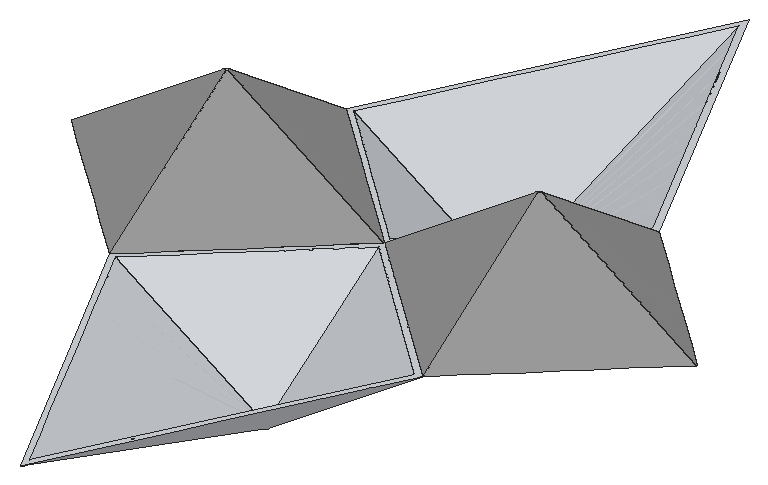
Revit family "CLD-FCT-016_KITE_RTV", category Modelos genéricos, Revit 2022 (continued)
Definition of nested family "CLD-FCT-016_KITE_1_RTV"
  Forms (in)
    Blend 359, void
      base sketch origin (28.5, 0, 0) x (-1, 0, 0) y (0, -1, 0)
        loop
          line (14.25, -0.5) -> (0.5, -27.5) -> (14.25, -40.5) -> (28, -27.5) -> (14.25, -0.5)
      top sketch origin (28.5, 0, 0) x (-1, 0, 0) y (0, -1, 0)
        loop
          line (14.25, -27.31482) -> (14.07322, -27.4916) -> (14.25, -27.66838) -> (14.42678, -27.4916) -> (14.25, -27.31482)
      from 0 to -8.75
    Blend 360, solid
      base sketch origin (28.5, 0, 0) x (-1, 0, 0) y (0, -1, 0)
        loop
          line (14.25, 0.6018) -> (-0.11528, -27.60638) -> (14.25, -41.18809) -> (28.61528, -27.60638) -> (14.25, 0.6018)
      top sketch origin (28.5, 0, 0) x (-1, 0, 0) y (0, -1, 0)
        loop
          line (14.42678, -27.4916) -> (14.25, -27.31482) -> (14.07322, -27.4916) -> (14.25, -27.66838) -> (14.42678, -27.4916)
      from 0 to -9.25
  Cuts and joins
    Blend 355, Blend 359 cuts Blend 356
    Blend 359 cuts Blend 360
  Dimensions and locks (in)
    cut or joined group of Blend 355, Blend 356, Blend 359 to cut or joined group of Blend 355, Blend 356, Blend 359 = 9.25"
    aligned and locked: level to plane 2
Definition of nested family "CLD-FCT-016_KITE_2_RTV"
  Parameters
    Default Elevation = 0.00"
  Reference planes (in)
    plane 1 "Centro (Frontal/Posterior)": y = 0
    plane 2: z = 0
    plane 3 "Centro (Izquierda/Derecha)": x = 0
  Forms (in)
    Extrusion 1, solid, not visible
      sketch origin (0, 0, 0) x (1, 0, 0) y (0, 1, 0)
        loop
          line (0, 2.25) -> (0, 0) -> (108, 0) -> (108, 2.25) -> (0, 2.25)
      from 0 to 8
    Extrusion 2, solid, not visible
      sketch origin (0, 0, 0) x (1, 0, 0) y (0, 1, 0)
        loop
          line (0, 2.25) -> (0, 0) -> (108, 0) -> (108, 2.25) -> (0, 2.25)
      from 0 to 8
    Extrusion 3, solid, not visible
      sketch origin (0, 8, 0) x (1, 0, 0) y (0, 1, 0)
        loop
          line (0, 2.25) -> (0, 0) -> (108, 0) -> (108, 2.25) -> (0, 2.25)
      from 0 to 8
    Extrusion 4, solid, not visible
      sketch origin (0, 16, 0) x (1, 0, 0) y (0, 1, 0)
        loop
          line (0, 2.25) -> (0, 0) -> (108, 0) -> (108, 2.25) -> (0, 2.25)
      from 0 to 8
    Extrusion 5, solid, not visible
      sketch origin (0, 24, 0) x (1, 0, 0) y (0, 1, 0)
        loop
          line (0, 2.25) -> (0, 0) -> (108, 0) -> (108, 2.25) -> (0, 2.25)
      from 0 to 8
    Extrusion 6, solid, not visible
      sketch origin (0, 32, 0) x (1, 0, 0) y (0, 1, 0)
        loop
          line (0, 2.25) -> (0, 0) -> (108, 0) -> (108, 2.25) -> (0, 2.25)
      from 0 to 8
    Extrusion 7, solid, not visible
      sketch origin (0, 40, 0) x (1, 0, 0) y (0, 1, 0)
        loop
          line (0, 2.25) -> (0, 0) -> (108, 0) -> (108, 2.25) -> (0, 2.25)
      from 0 to 8
    Extrusion 8, solid, not visible
      sketch origin (0, 48, 0) x (1, 0, 0) y (0, 1, 0)
        loop
          line (0, 2.25) -> (0, 0) -> (108, 0) -> (108, 2.25) -> (0, 2.25)
      from 0 to 8
    Extrusion 9, solid, not visible
      sketch origin (0, 56, 0) x (1, 0, 0) y (0, 1, 0)
        loop
          line (0, 2.25) -> (0, 0) -> (108, 0) -> (108, 2.25) -> (0, 2.25)
      from 0 to 8
    Extrusion 10, solid, not visible
      sketch origin (0, 64, 0) x (1, 0, 0) y (0, 1, 0)
        loop
          line (0, 2.25) -> (0, 0) -> (108, 0) -> (108, 2.25) -> (0, 2.25)
      from 0 to 8
    Extrusion 11, solid, not visible
      sketch origin (0, 72, 0) x (1, 0, 0) y (0, 1, 0)
        loop
          line (0, 2.25) -> (0, 0) -> (108, 0) -> (108, 2.25) -> (0, 2.25)
      from 0 to 8
    Extrusion 12, solid, not visible
      sketch origin (0, 80, 0) x (1, 0, 0) y (0, 1, 0)
        loop
          line (0, 2.25) -> (0, 0) -> (108, 0) -> (108, 2.25) -> (0, 2.25)
      from 0 to 8
    Extrusion 13, solid, not visible
      sketch origin (0, 88, 0) x (1, 0, 0) y (0, 1, 0)
        loop
          line (0, 2.25) -> (0, 0) -> (108, 0) -> (108, 2.25) -> (0, 2.25)
      from 0 to 8
    Extrusion 14, solid, not visible
      sketch origin (0, 96, 0) x (1, 0, 0) y (0, 1, 0)
        loop
          line (0, 2.25) -> (0, 0) -> (108, 0) -> (108, 2.25) -> (0, 2.25)
      from 0 to 8
    Extrusion 15, solid, not visible
      sketch origin (0, 104, 0) x (1, 0, 0) y (0, 1, 0)
        loop
          line (0, 2.25) -> (0, 0) -> (108, 0) -> (108, 2.25) -> (0, 2.25)
      from 0 to 8
    Extrusion 16, solid, not visible
      sketch origin (0, 112, 0) x (1, 0, 0) y (0, 1, 0)
        loop
          line (0, 2.25) -> (0, 0) -> (108, 0) -> (108, 2.25) -> (0, 2.25)
      from 0 to 8
    Extrusion 17, solid, not visible
      sketch origin (0, 120, 0) x (1, 0, 0) y (0, 1, 0)
        loop
          line (0, 2.25) -> (0, 0) -> (108, 0) -> (108, 2.25) -> (0, 2.25)
      from 0 to 8
    Extrusion 18, solid, not visible
      sketch origin (0, 128, 0) x (1, 0, 0) y (0, 1, 0)
        loop
          line (0, 2.25) -> (0, 0) -> (108, 0) -> (108, 2.25) -> (0, 2.25)
      from 0 to 8
    Extrusion 19, solid, not visible
      sketch origin (0, 136, 0) x (1, 0, 0) y (0, 1, 0)
        loop
          line (0, 2.25) -> (0, 0) -> (108, 0) -> (108, 2.25) -> (0, 2.25)
      from 0 to 8
    Extrusion 20, solid, not visible
      sketch origin (0, 144, 0) x (1, 0, 0) y (0, 1, 0)
        loop
          line (0, 2.25) -> (0, 0) -> (108, 0) -> (108, 2.25) -> (0, 2.25)
      from 0 to 8
    Extrusion 21, solid, not visible
      sketch origin (0, 152, 0) x (1, 0, 0) y (0, 1, 0)
        loop
          line (0, 2.25) -> (0, 0) -> (108, 0) -> (108, 2.25) -> (0, 2.25)
      from 0 to 8
    Extrusion 22, solid, not visible
      sketch origin (109, 0, 0) x (1, 0, 0) y (0, 1, 0)
        loop
          line (0, 2.25) -> (0, 0) -> (108, 0) -> (108, 2.25) -> (0, 2.25)
      from 0 to 8
    Extrusion 23, solid, not visible
      sketch origin (109, 8, 0) x (1, 0, 0) y (0, 1, 0)
        loop
          line (0, 2.25) -> (0, 0) -> (108, 0) -> (108, 2.25) -> (0, 2.25)
      from 0 to 8
    Extrusion 24, solid, not visible
      sketch origin (109, 16, 0) x (1, 0, 0) y (0, 1, 0)
        loop
          line (0, 2.25) -> (0, 0) -> (108, 0) -> (108, 2.25) -> (0, 2.25)
      from 0 to 8
    Extrusion 25, solid, not visible
      sketch origin (109, 24, 0) x (1, 0, 0) y (0, 1, 0)
        loop
          line (0, 2.25) -> (0, 0) -> (108, 0) -> (108, 2.25) -> (0, 2.25)
      from 0 to 8
    Extrusion 26, solid, not visible
      sketch origin (109, 32, 0) x (1, 0, 0) y (0, 1, 0)
        loop
          line (0, 2.25) -> (0, 0) -> (108, 0) -> (108, 2.25) -> (0, 2.25)
      from 0 to 8
    Extrusion 27, solid, not visible
      sketch origin (109, 40, 0) x (1, 0, 0) y (0, 1, 0)
        loop
          line (0, 2.25) -> (0, 0) -> (108, 0) -> (108, 2.25) -> (0, 2.25)
      from 0 to 8
    Extrusion 28, solid, not visible
      sketch origin (109, 48, 0) x (1, 0, 0) y (0, 1, 0)
        loop
          line (0, 2.25) -> (0, 0) -> (108, 0) -> (108, 2.25) -> (0, 2.25)
      from 0 to 8
    Extrusion 29, solid, not visible
      sketch origin (109, 56, 0) x (1, 0, 0) y (0, 1, 0)
        loop
          line (0, 2.25) -> (0, 0) -> (108, 0) -> (108, 2.25) -> (0, 2.25)
      from 0 to 8
    Extrusion 30, solid, not visible
      sketch origin (109, 64, 0) x (1, 0, 0) y (0, 1, 0)
        loop
          line (0, 2.25) -> (0, 0) -> (108, 0) -> (108, 2.25) -> (0, 2.25)
      from 0 to 8
    Extrusion 31, solid, not visible
      sketch origin (109, 72, 0) x (1, 0, 0) y (0, 1, 0)
        loop
          line (0, 2.25) -> (0, 0) -> (108, 0) -> (108, 2.25) -> (0, 2.25)
      from 0 to 8
    Extrusion 32, solid, not visible
      sketch origin (109, 80, 0) x (1, 0, 0) y (0, 1, 0)
        loop
          line (0, 2.25) -> (0, 0) -> (108, 0) -> (108, 2.25) -> (0, 2.25)
      from 0 to 8
    Extrusion 33, solid, not visible
      sketch origin (109, 88, 0) x (1, 0, 0) y (0, 1, 0)
        loop
          line (0, 2.25) -> (0, 0) -> (108, 0) -> (108, 2.25) -> (0, 2.25)
      from 0 to 8
    Extrusion 34, solid, not visible
      sketch origin (109, 96, 0) x (1, 0, 0) y (0, 1, 0)
        loop
          line (0, 2.25) -> (0, 0) -> (108, 0) -> (108, 2.25) -> (0, 2.25)
      from 0 to 8
    Extrusion 35, solid, not visible
      sketch origin (109, 104, 0) x (1, 0, 0) y (0, 1, 0)
        loop
          line (0, 2.25) -> (0, 0) -> (108, 0) -> (108, 2.25) -> (0, 2.25)
      from 0 to 8
    Extrusion 36, solid, not visible
      sketch origin (109, 112, 0) x (1, 0, 0) y (0, 1, 0)
        loop
          line (0, 2.25) -> (0, 0) -> (108, 0) -> (108, 2.25) -> (0, 2.25)
      from 0 to 8
    Extrusion 37, solid, not visible
      sketch origin (109, 120, 0) x (1, 0, 0) y (0, 1, 0)
        loop
          line (0, 2.25) -> (0, 0) -> (108, 0) -> (108, 2.25) -> (0, 2.25)
      from 0 to 8
    Extrusion 38, solid, not visible
      sketch origin (109, 128, 0) x (1, 0, 0) y (0, 1, 0)
        loop
          line (0, 2.25) -> (0, 0) -> (108, 0) -> (108, 2.25) -> (0, 2.25)
      from 0 to 8
    Extrusion 39, solid, not visible
      sketch origin (109, 136, 0) x (1, 0, 0) y (0, 1, 0)
        loop
          line (0, 2.25) -> (0, 0) -> (108, 0) -> (108, 2.25) -> (0, 2.25)
      from 0 to 8
    Extrusion 40, solid, not visible
      sketch origin (109, 144, 0) x (1, 0, 0) y (0, 1, 0)
        loop
          line (0, 2.25) -> (0, 0) -> (108, 0) -> (108, 2.25) -> (0, 2.25)
      from 0 to 8
    Extrusion 41, solid, not visible
      sketch origin (109, 152, 0) x (1, 0, 0) y (0, 1, 0)
        loop
          line (0, 2.25) -> (0, 0) -> (108, 0) -> (108, 2.25) -> (0, 2.25)
      from 0 to 8
    Extrusion 42, solid, not visible
      sketch origin (-108, 0, 0) x (1, 0, 0) y (0, 1, 0)
        loop
          line (0, 2.25) -> (0, 0) -> (108, 0) -> (108, 2.25) -> (0, 2.25)
      from 0 to 8
    Extrusion 43, solid, not visible
      sketch origin (-108, 8, 0) x (1, 0, 0) y (0, 1, 0)
        loop
          line (0, 2.25) -> (0, 0) -> (108, 0) -> (108, 2.25) -> (0, 2.25)
      from 0 to 8
    Extrusion 44, solid, not visible
      sketch origin (-108, 16, 0) x (1, 0, 0) y (0, 1, 0)
        loop
          line (0, 2.25) -> (0, 0) -> (108, 0) -> (108, 2.25) -> (0, 2.25)
      from 0 to 8
    Extrusion 45, solid, not visible
      sketch origin (-108, 24, 0) x (1, 0, 0) y (0, 1, 0)
        loop
          line (0, 2.25) -> (0, 0) -> (108, 0) -> (108, 2.25) -> (0, 2.25)
      from 0 to 8
    Extrusion 46, solid, not visible
      sketch origin (-108, 32, 0) x (1, 0, 0) y (0, 1, 0)
        loop
          line (0, 2.25) -> (0, 0) -> (108, 0) -> (108, 2.25) -> (0, 2.25)
      from 0 to 8
    Extrusion 47, solid, not visible
      sketch origin (-108, 40, 0) x (1, 0, 0) y (0, 1, 0)
        loop
          line (0, 2.25) -> (0, 0) -> (108, 0) -> (108, 2.25) -> (0, 2.25)
      from 0 to 8
    Extrusion 48, solid, not visible
      sketch origin (1, 0, 0) x (1, 0, 0) y (0, 1, 0)
        loop
          line (0, 2.25) -> (0, 0) -> (108, 0) -> (108, 2.25) -> (0, 2.25)
      from 0 to 8
    Extrusion 49, solid, not visible
      sketch origin (1, 8, 0) x (1, 0, 0) y (0, 1, 0)
        loop
          line (0, 2.25) -> (0, 0) -> (108, 0) -> (108, 2.25) -> (0, 2.25)
      from 0 to 8
    Extrusion 50, solid, not visible
      sketch origin (1, 16, 0) x (1, 0, 0) y (0, 1, 0)
        loop
          line (0, 2.25) -> (0, 0) -> (108, 0) -> (108, 2.25) -> (0, 2.25)
      from 0 to 8
    Extrusion 51, solid, not visible
      sketch origin (1, 24, 0) x (1, 0, 0) y (0, 1, 0)
        loop
          line (0, 2.25) -> (0, 0) -> (108, 0) -> (108, 2.25) -> (0, 2.25)
      from 0 to 8
    Extrusion 52, solid, not visible
      sketch origin (1, 32, 0) x (1, 0, 0) y (0, 1, 0)
        loop
          line (0, 2.25) -> (0, 0) -> (108, 0) -> (108, 2.25) -> (0, 2.25)
      from 0 to 8
    Extrusion 53, solid, not visible
      sketch origin (1, 40, 0) x (1, 0, 0) y (0, 1, 0)
        loop
          line (0, 2.25) -> (0, 0) -> (108, 0) -> (108, 2.25) -> (0, 2.25)
      from 0 to 8
    Extrusion 54, solid, not visible
      sketch origin (-108, 48, 0) x (1, 0, 0) y (0, 1, 0)
        loop
          line (0, 2.25) -> (0, 0) -> (108, 0) -> (108, 2.25) -> (0, 2.25)
      from 0 to 8
    Extrusion 55, solid, not visible
      sketch origin (-108, 56, 0) x (1, 0, 0) y (0, 1, 0)
        loop
          line (0, 2.25) -> (0, 0) -> (108, 0) -> (108, 2.25) -> (0, 2.25)
      from 0 to 8
    Extrusion 56, solid, not visible
      sketch origin (-108, 64, 0) x (1, 0, 0) y (0, 1, 0)
        loop
          line (0, 2.25) -> (0, 0) -> (108, 0) -> (108, 2.25) -> (0, 2.25)
      from 0 to 8
    Extrusion 57, solid, not visible
      sketch origin (-108, 72, 0) x (1, 0, 0) y (0, 1, 0)
        loop
          line (0, 2.25) -> (0, 0) -> (108, 0) -> (108, 2.25) -> (0, 2.25)
      from 0 to 8
    Extrusion 58, solid, not visible
      sketch origin (-108, 80, 0) x (1, 0, 0) y (0, 1, 0)
        loop
          line (0, 2.25) -> (0, 0) -> (108, 0) -> (108, 2.25) -> (0, 2.25)
      from 0 to 8
    Extrusion 59, solid, not visible
      sketch origin (1, 48, 0) x (1, 0, 0) y (0, 1, 0)
        loop
          line (0, 2.25) -> (0, 0) -> (108, 0) -> (108, 2.25) -> (0, 2.25)
      from 0 to 8
    Extrusion 60, solid, not visible
      sketch origin (1, 56, 0) x (1, 0, 0) y (0, 1, 0)
        loop
          line (0, 2.25) -> (0, 0) -> (108, 0) -> (108, 2.25) -> (0, 2.25)
      from 0 to 8
    Extrusion 61, solid, not visible
      sketch origin (1, 64, 0) x (1, 0, 0) y (0, 1, 0)
        loop
          line (0, 2.25) -> (0, 0) -> (108, 0) -> (108, 2.25) -> (0, 2.25)
      from 0 to 8
    Extrusion 62, solid, not visible
      sketch origin (1, 72, 0) x (1, 0, 0) y (0, 1, 0)
        loop
          line (0, 2.25) -> (0, 0) -> (108, 0) -> (108, 2.25) -> (0, 2.25)
      from 0 to 8
    Extrusion 63, solid, not visible
      sketch origin (1, 80, 0) x (1, 0, 0) y (0, 1, 0)
        loop
          line (0, 2.25) -> (0, 0) -> (108, 0) -> (108, 2.25) -> (0, 2.25)
      from 0 to 8
    Extrusion 64, solid, not visible
      sketch origin (-108, 88, 0) x (1, 0, 0) y (0, 1, 0)
        loop
          line (0, 2.25) -> (0, 0) -> (108, 0) -> (108, 2.25) -> (0, 2.25)
      from 0 to 8
    Extrusion 65, solid, not visible
      sketch origin (-108, 96, 0) x (1, 0, 0) y (0, 1, 0)
        loop
          line (0, 2.25) -> (0, 0) -> (108, 0) -> (108, 2.25) -> (0, 2.25)
      from 0 to 8
    Extrusion 66, solid, not visible
      sketch origin (-108, 104, 0) x (1, 0, 0) y (0, 1, 0)
        loop
          line (0, 2.25) -> (0, 0) -> (108, 0) -> (108, 2.25) -> (0, 2.25)
      from 0 to 8
    Extrusion 67, solid, not visible
      sketch origin (-108, 112, 0) x (1, 0, 0) y (0, 1, 0)
        loop
          line (0, 2.25) -> (0, 0) -> (108, 0) -> (108, 2.25) -> (0, 2.25)
      from 0 to 8
    Extrusion 68, solid, not visible
      sketch origin (-108, 120, 0) x (1, 0, 0) y (0, 1, 0)
        loop
          line (0, 2.25) -> (0, 0) -> (108, 0) -> (108, 2.25) -> (0, 2.25)
      from 0 to 8
    Extrusion 69, solid, not visible
      sketch origin (1, 88, 0) x (1, 0, 0) y (0, 1, 0)
        loop
          line (0, 2.25) -> (0, 0) -> (108, 0) -> (108, 2.25) -> (0, 2.25)
      from 0 to 8
    Extrusion 70, solid, not visible
      sketch origin (1, 96, 0) x (1, 0, 0) y (0, 1, 0)
        loop
          line (0, 2.25) -> (0, 0) -> (108, 0) -> (108, 2.25) -> (0, 2.25)
      from 0 to 8
    Extrusion 71, solid, not visible
      sketch origin (1, 104, 0) x (1, 0, 0) y (0, 1, 0)
        loop
          line (0, 2.25) -> (0, 0) -> (108, 0) -> (108, 2.25) -> (0, 2.25)
      from 0 to 8
    Extrusion 72, solid, not visible
      sketch origin (1, 112, 0) x (1, 0, 0) y (0, 1, 0)
        loop
          line (0, 2.25) -> (0, 0) -> (108, 0) -> (108, 2.25) -> (0, 2.25)
      from 0 to 8
    Extrusion 73, solid, not visible
      sketch origin (1, 120, 0) x (1, 0, 0) y (0, 1, 0)
        loop
          line (0, 2.25) -> (0, 0) -> (108, 0) -> (108, 2.25) -> (0, 2.25)
      from 0 to 8
    Extrusion 74, solid, not visible
      sketch origin (-108, 128, 0) x (1, 0, 0) y (0, 1, 0)
        loop
          line (0, 2.25) -> (0, 0) -> (108, 0) -> (108, 2.25) -> (0, 2.25)
      from 0 to 8
    Extrusion 75, solid, not visible
      sketch origin (-108, 136, 0) x (1, 0, 0) y (0, 1, 0)
        loop
          line (0, 2.25) -> (0, 0) -> (108, 0) -> (108, 2.25) -> (0, 2.25)
      from 0 to 8
    Extrusion 76, solid, not visible
      sketch origin (-108, 144, 0) x (1, 0, 0) y (0, 1, 0)
        loop
          line (0, 2.25) -> (0, 0) -> (108, 0) -> (108, 2.25) -> (0, 2.25)
      from 0 to 8
    Extrusion 77, solid, not visible
      sketch origin (-108, 152, 0) x (1, 0, 0) y (0, 1, 0)
        loop
          line (0, 2.25) -> (0, 0) -> (108, 0) -> (108, 2.25) -> (0, 2.25)
      from 0 to 8
    Extrusion 78, solid, not visible
      sketch origin (-108, 160, 0) x (1, 0, 0) y (0, 1, 0)
        loop
          line (0, 2.25) -> (0, 0) -> (108, 0) -> (108, 2.25) -> (0, 2.25)
      from 0 to 8
    Extrusion 79, solid, not visible
      sketch origin (1, 128, 0) x (1, 0, 0) y (0, 1, 0)
        loop
          line (0, 2.25) -> (0, 0) -> (108, 0) -> (108, 2.25) -> (0, 2.25)
      from 0 to 8
    Extrusion 80, solid, not visible
      sketch origin (1, 136, 0) x (1, 0, 0) y (0, 1, 0)
        loop
          line (0, 2.25) -> (0, 0) -> (108, 0) -> (108, 2.25) -> (0, 2.25)
      from 0 to 8
    Extrusion 81, solid, not visible
      sketch origin (1, 144, 0) x (1, 0, 0) y (0, 1, 0)
        loop
          line (0, 2.25) -> (0, 0) -> (108, 0) -> (108, 2.25) -> (0, 2.25)
      from 0 to 8
    Extrusion 82, solid, not visible
      sketch origin (1, 152, 0) x (1, 0, 0) y (0, 1, 0)
        loop
          line (0, 2.25) -> (0, 0) -> (108, 0) -> (108, 2.25) -> (0, 2.25)
      from 0 to 8
    Extrusion 83, solid, not visible
      sketch origin (1, 160, 0) x (1, 0, 0) y (0, 1, 0)
        loop
          line (0, 2.25) -> (0, 0) -> (108, 0) -> (108, 2.25) -> (0, 2.25)
      from 0 to 8
    Extrusion 84, solid, not visible
      sketch origin (0, 0, 0) x (1, 0, 0) y (0, 1, 0)
        loop
          line (0, 3) -> (0, 0) -> (108, 0) -> (108, 3) -> (0, 3)
      from 0 to 8
    Extrusion 85, void, not visible
      sketch origin (0, 0, 0) x (1, 0, 0) y (0, 1, 0)
        loop
          line (6, 2) -> (6, 1) -> (66, 1) -> (66, 2) -> (6, 2)
      from 0 to 1.03
    Extrusion 86, solid, not visible
      sketch origin (0, 0, 0) x (1, 0, 0) y (0, 1, 0)
        loop
          line (0, 3) -> (0, 0) -> (108, 0) -> (108, 3) -> (0, 3)
      from 0 to 8
    Extrusion 87, void, not visible
      sketch origin (0, 0, 0) x (1, 0, 0) y (0, 1, 0)
        loop
          line (6, 2) -> (6, 1) -> (66, 1) -> (66, 2) -> (6, 2)
      from 0 to 1.03
    Extrusion 88, solid, not visible
      sketch origin (0, 0, 0) x (1, 0, 0) y (0, 1, 0)
        loop
          line (6, 2) -> (6, 1) -> (66, 1) -> (66, 2) -> (6, 2)
      from 0 to 1.03
    Extrusion 89, solid, not visible
      sketch origin (0, 32, 0) x (1, 0, 0) y (0, 1, 0)
        loop
          line (0, 3) -> (0, 0) -> (108, 0) -> (108, 3) -> (0, 3)
      from 0 to 8
    Extrusion 90, void, not visible
      sketch origin (0, 32, 0) x (1, 0, 0) y (0, 1, 0)
        loop
          line (6, 2) -> (6, 1) -> (102, 1) -> (102, 2) -> (6, 2)
      from 0 to 1.03
    Extrusion 91, solid, not visible
      sketch origin (8.95842, -18.67436, 0) x (1, 0, 0) y (0, 1, 0)
        loop
          line (-8.48642, 97.64679) -> (-8.48642, 97.17436) -> (98.56914, 97.17436) -> (98.56914, 97.64679) -> (-8.48642, 97.64679)
      from 0.59055 to 8
    Extrusion 92, solid, not visible
      sketch origin (8.95842, -16.6468, 0) x (1, 0, 0) y (0, 1, 0)
        loop
          line (-8.48642, 97.64679) -> (-8.48642, 97.17436) -> (98.56914, 97.17436) -> (98.56914, 97.64679) -> (-8.48642, 97.64679)
      from 0.59055 to 8
    Extrusion 93, solid, not visible
      sketch origin (60.46912, 110.28574, 0) x (1, 0, 0) y (0, 1, 0)
        loop
          line (45.03088, -29.28574) -> (-57.96911, -29.28574) -> (-57.96911, -31.78574) -> (45.03088, -31.78574) -> (45.03088, -29.28574)
        loop
          line (23.78088, -31.03574) -> (41.78088, -31.03574) -> (41.78088, -30.03574) -> (23.78088, -30.03574) -> (23.78088, -31.03574)
        loop
          line (-54.71912, -31.03574) -> (-36.71912, -31.03574) -> (-36.71912, -30.03574) -> (-54.71912, -30.03574) -> (-54.71912, -31.03574)
      from 0 to 0.59055
    Extrusion 94, solid, not visible
      sketch origin (108, 51.5, 0) x (0, 1, 0) y (-1, 0, 0)
        loop
          line (27.75, 102.25) -> (27.75, 84.25) -> (28.75, 84.25) -> (28.75, 102.25) -> (27.75, 102.25)
      from 0 to 1
    Extrusion 95, solid, not visible
      sketch origin (186.5, 51.5, 0) x (0, 1, 0) y (-1, 0, 0)
        loop
          line (27.75, 102.25) -> (27.75, 84.25) -> (28.75, 84.25) -> (28.75, 102.25) -> (27.75, 102.25)
      from 0 to 1
    Extrusion 96, solid, not visible
      sketch origin (8.95842, -44.42438, 0) x (1, 0, 0) y (0, 1, 0)
        loop
          line (-8.48642, 97.64679) -> (-8.48642, 97.17436) -> (98.56914, 97.17436) -> (98.56914, 97.64679) -> (-8.48642, 97.64679)
      from 0.59055 to 8
    Extrusion 97, solid, not visible
      sketch origin (8.95842, -42.39682, 0) x (1, 0, 0) y (0, 1, 0)
        loop
          line (-8.48642, 97.64679) -> (-8.48642, 97.17436) -> (98.56914, 97.17436) -> (98.56914, 97.64679) -> (-8.48642, 97.64679)
      from 0.59055 to 8
    Extrusion 98, solid, not visible
      sketch origin (60.46912, 84.53571, 0) x (1, 0, 0) y (0, 1, 0)
        loop
          line (45.03088, -29.28574) -> (-57.96911, -29.28574) -> (-57.96911, -31.78574) -> (45.03088, -31.78574) -> (45.03088, -29.28574)
        loop
          line (-28.96912, -31.03574) -> (-10.96912, -31.03574) -> (-10.96912, -30.03574) -> (-28.96912, -30.03574) -> (-28.96912, -31.03574)
        loop
          line (-3.21912, -31.03571) -> (14.78088, -31.03571) -> (14.78088, -30.03571) -> (-3.21912, -30.03571) -> (-3.21912, -31.03571)
      from 0 to 0.59055
    Extrusion 99, solid, not visible
      sketch origin (133.74998, 25.74998, 0) x (0, 1, 0) y (-1, 0, 0)
        loop
          line (27.75, 102.25) -> (27.75, 84.25) -> (28.75, 84.25) -> (28.75, 102.25) -> (27.75, 102.25)
      from 0 to 1
    Extrusion 100, solid, not visible
      sketch origin (159.49998, 25.74998, 0) x (0, 1, 0) y (-1, 0, 0)
        loop
          line (27.75, 102.25) -> (27.75, 84.25) -> (28.75, 84.25) -> (28.75, 102.25) -> (27.75, 102.25)
      from 0 to 1
    Extrusion 101, solid, not visible
      sketch origin (8.95842, -70.17436, 0) x (1, 0, 0) y (0, 1, 0)
        loop
          line (-8.48642, 97.64679) -> (-8.48642, 97.17436) -> (98.56914, 97.17436) -> (98.56914, 97.64679) -> (-8.48642, 97.64679)
      from 0.59055 to 8
    Extrusion 102, solid, not visible
      sketch origin (8.95842, -68.1468, 0) x (1, 0, 0) y (0, 1, 0)
        loop
          line (-8.48642, 97.64679) -> (-8.48642, 97.17436) -> (98.56914, 97.17436) -> (98.56914, 97.64679) -> (-8.48642, 97.64679)
      from 0.59055 to 8
    Extrusion 103, solid, not visible
      sketch origin (60.46912, 58.78574, 0) x (1, 0, 0) y (0, 1, 0)
        loop
          line (45.03088, -29.28574) -> (-57.96911, -29.28574) -> (-57.96911, -31.78574) -> (45.03088, -31.78574) -> (45.03088, -29.28574)
        loop
          line (23.78088, -31.03574) -> (41.78088, -31.03574) -> (41.78088, -30.03574) -> (23.78088, -30.03574) -> (23.78088, -31.03574)
        loop
          line (-54.71912, -31.03574) -> (-36.71912, -31.03574) -> (-36.71912, -30.03574) -> (-54.71912, -30.03574) -> (-54.71912, -31.03574)
      from 0 to 0.59055
    Extrusion 104, solid, not visible
      sketch origin (108, 0, 0) x (0, 1, 0) y (-1, 0, 0)
        loop
          line (27.75, 102.25) -> (27.75, 84.25) -> (28.75, 84.25) -> (28.75, 102.25) -> (27.75, 102.25)
      from 0 to 1
    Extrusion 105, solid, not visible
      sketch origin (186.5, 0, 0) x (0, 1, 0) y (-1, 0, 0)
        loop
          line (27.75, 102.25) -> (27.75, 84.25) -> (28.75, 84.25) -> (28.75, 102.25) -> (27.75, 102.25)
      from 0 to 1
    Extrusion 106, solid, not visible
      sketch origin (-70.17436, 99.04114, 0) x (0, -1, 0) y (1, 0, 0)
        loop
          line (-8.48642, 97.64679) -> (-8.48642, 97.17436) -> (98.56914, 97.17436) -> (98.56914, 97.64679) -> (-8.48642, 97.64679)
      from 0.59055 to 8
    Extrusion 107, solid, not visible
      sketch origin (-68.1468, 99.04114, 0) x (0, -1, 0) y (1, 0, 0)
        loop
          line (-8.48642, 97.64679) -> (-8.48642, 97.17436) -> (98.56914, 97.17436) -> (98.56914, 97.64679) -> (-8.48642, 97.64679)
      from 0.59055 to 8
    Extrusion 108, solid, not visible
      sketch origin (-2.28571, 86.21912, 0) x (0, 1, 0) y (-1, 0, 0)
        loop
          line (19.28088, -29.28574) -> (-83.71912, -29.28574) -> (-83.71912, -31.78574) -> (19.28088, -31.78574) -> (19.28088, -29.28574)
        loop
          line (16.03088, -31.03571) -> (16.03088, -30.03571) -> (-1.96912, -30.03571) -> (-1.96912, -31.03571) -> (16.03088, -31.03571)
        loop
          line (-62.46912, -31.03571) -> (-62.46912, -30.03571) -> (-80.46912, -30.03571) -> (-80.46912, -31.03571) -> (-62.46912, -31.03571)
      from 0 to 0.59055
    Extrusion 109, solid, not visible
      sketch origin (0, 0, 0) x (1, 0, 0) y (0, 1, 0)
        loop
          line (27.75, 102.25) -> (27.75, 84.25) -> (28.75, 84.25) -> (28.75, 102.25) -> (27.75, 102.25)
      from 0 to 1
    Extrusion 110, solid, not visible
      sketch origin (0, -78.5, 0) x (1, 0, 0) y (0, 1, 0)
        loop
          line (27.75, 102.25) -> (27.75, 84.25) -> (28.75, 84.25) -> (28.75, 102.25) -> (27.75, 102.25)
      from 0 to 1
    Extrusion 111, solid, not visible
      sketch origin (-44.89438, 99.04114, 0) x (0, -1, 0) y (1, 0, 0)
        loop
          line (-8.48642, 97.64679) -> (-8.48642, 97.17436) -> (98.56914, 97.17436) -> (98.56914, 97.64679) -> (-8.48642, 97.64679)
      from 0.59055 to 8
    Extrusion 112, solid, not visible
      sketch origin (-42.39682, 99.04114, 0) x (0, -1, 0) y (1, 0, 0)
        loop
          line (-8.48642, 97.64679) -> (-8.48642, 97.17436) -> (98.56914, 97.17436) -> (98.56914, 97.64679) -> (-8.48642, 97.64679)
      from 0.59055 to 8
    Extrusion 113, solid, not visible
      sketch origin (23.46427, 86.21912, 0) x (0, 1, 0) y (-1, 0, 0)
        loop
          line (19.28088, -28.81571) -> (-83.71912, -28.81571) -> (-83.71912, -31.78574) -> (19.28088, -31.78574) -> (19.28088, -28.81571)
        loop
          line (-28.96912, -29.78573) -> (-28.96912, -30.78571) -> (-10.96912, -30.78571) -> (-10.96912, -29.78573) -> (-28.96912, -29.78573)
        loop
          line (-54.71914, -29.78573) -> (-54.71914, -30.78573) -> (-36.71914, -30.78573) -> (-36.71914, -29.78573) -> (-54.71914, -29.78573)
      from 0 to 0.59055
    Extrusion 114, solid, not visible
      sketch origin (25.74998, -27, 0) x (1, 0, 0) y (0, 1, 0)
        loop
          line (27.50002, 102.25) -> (27.50002, 84.25) -> (28.5, 84.25) -> (28.5, 102.25) -> (27.50002, 102.25)
      from 0 to 1
    Extrusion 115, solid, not visible
      sketch origin (25.74998, -52.75002, 0) x (1, 0, 0) y (0, 1, 0)
        loop
          line (27.50002, 102.25) -> (27.50002, 84.25) -> (28.50002, 84.25) -> (28.50002, 102.25) -> (27.50002, 102.25)
      from 0 to 1
    Extrusion 116, solid, not visible
      sketch origin (-18.67436, 99.04114, 0) x (0, -1, 0) y (1, 0, 0)
        loop
          line (-8.48642, 97.64679) -> (-8.48642, 97.17436) -> (98.56914, 97.17436) -> (98.56914, 97.64679) -> (-8.48642, 97.64679)
      from 0.59055 to 8
    Extrusion 117, solid, not visible
      sketch origin (-16.6468, 99.04114, 0) x (0, -1, 0) y (1, 0, 0)
        loop
          line (-8.48642, 97.64679) -> (-8.48642, 97.17436) -> (98.56914, 97.17436) -> (98.56914, 97.64679) -> (-8.48642, 97.64679)
      from 0.59055 to 8
    Extrusion 118, solid, not visible
      sketch origin (49.21426, 86.21912, 0) x (0, 1, 0) y (-1, 0, 0)
        loop
          line (19.28088, -29.28574) -> (-83.71912, -29.28574) -> (-83.71912, -31.78574) -> (19.28088, -31.78574) -> (19.28088, -29.28574)
        loop
          line (16.03088, -31.03571) -> (16.03088, -30.03571) -> (-1.96912, -30.03571) -> (-1.96912, -31.03571) -> (16.03088, -31.03571)
        loop
          line (-62.46912, -31.03571) -> (-62.46912, -30.03571) -> (-80.46912, -30.03571) -> (-80.46912, -31.03571) -> (-62.46912, -31.03571)
      from 0 to 0.59055
    Extrusion 119, solid, not visible
      sketch origin (51.49997, 0, 0) x (1, 0, 0) y (0, 1, 0)
        loop
          line (27.75, 102.25) -> (27.75, 84.25) -> (28.75, 84.25) -> (28.75, 102.25) -> (27.75, 102.25)
      from 0 to 1
    Extrusion 120, solid, not visible
      sketch origin (51.49997, -78.5, 0) x (1, 0, 0) y (0, 1, 0)
        loop
          line (27.75, 102.25) -> (27.75, 84.25) -> (28.75, 84.25) -> (28.75, 102.25) -> (27.75, 102.25)
      from 0 to 1
    Extrusion 121, solid, not visible
      sketch origin (10.23509, 91.82771, 0) x (0, -1, 0) y (1, 0, 0)
        loop
          line (-16.17229, 97.76491) -> (-15.69986, 97.29248) -> (91.35527, 97.29248) -> (91.82771, 97.76491) -> (-16.17229, 97.76491)
      from 0.59055 to 8
    Extrusion 122, solid, not visible
      sketch origin (137.28574, 61.88413, 0) x (0, 1, 0) y (-1, 0, 0)
        loop
          line (46.11587, 29.28574) -> (43.61587, 31.78574) -> (-59.38412, 31.78574) -> (-61.88412, 29.28574) -> (46.11587, 29.28574)
      from 0 to 0.59055
    Extrusion 123, solid, not visible
      sketch origin (8.20754, 91.82771, 0) x (0, -1, 0) y (1, 0, 0)
        loop
          line (-14.14474, 97.76491) -> (-13.67231, 97.29248) -> (89.32772, 97.29248) -> (89.80016, 97.76491) -> (-14.14474, 97.76491)
      from 0.59055 to 8.22418
    Extrusion 124, solid, not visible
      sketch origin (18.95842, 10.23509, 0) x (1, 0, 0) y (0, 1, 0)
        loop
          line (-18.95842, 97.76491) -> (-18.48598, 97.29247) -> (88.56914, 97.29247) -> (89.04158, 97.76491) -> (-18.95842, 97.76491)
      from 0.59055 to 8
    Extrusion 125, solid, not visible
      sketch origin (61.88413, 137.28574, 0) x (1, 0, 0) y (0, 1, 0)
        loop
          line (46.11587, -29.28574) -> (-61.88412, -29.28574) -> (-59.38412, -31.78574) -> (43.61587, -31.78574) -> (46.11587, -29.28574)
      from 0 to 0.59055
    Extrusion 126, solid, not visible
      sketch origin (18.95842, 8.20753, 0) x (1, 0, 0) y (0, 1, 0)
        loop
          line (-16.93086, 97.76491) -> (-16.45842, 97.29247) -> (86.54158, 97.29247) -> (87.01402, 97.76491) -> (-16.93086, 97.76491)
      from 0.59055 to 8
    Extrusion 127, solid, not visible
      sketch origin (-101.24865, 87.31603, 0) x (0, -1, 0) y (1, 0, 0)
        loop
          line (-20.21152, 101.72109) -> (-20.68397, 101.24865) -> (87.31604, 101.24865) -> (86.84359, 101.72109) -> (-20.21152, 101.72109)
      from 0.47244 to 8
    Extrusion 128, solid, not visible
      sketch origin (-29.28573, 61.88413, 0) x (0, 1, 0) y (-1, 0, 0)
        loop
          line (46.11587, -29.28574) -> (-61.88412, -29.28574) -> (-59.38412, -31.78574) -> (43.61587, -31.78574) -> (46.11587, -29.28574)
      from 0 to 0.59055
    Extrusion 129, solid, not visible
      sketch origin (-99.22109, 87.31603, 0) x (0, -1, 0) y (1, 0, 0)
        loop
          line (-18.18396, 101.72109) -> (-18.65641, 101.24865) -> (85.28848, 101.24865) -> (84.81603, 101.72109) -> (-18.18396, 101.72109)
      from 0.47244 to 8
    Extrusion 130, solid, not visible
      sketch origin (61.88413, -29.28574, 0) x (1, 0, 0) y (0, 1, 0)
        loop
          line (46.11587, 29.28574) -> (43.61587, 31.78574) -> (-59.38412, 31.78574) -> (-61.88412, 29.28574) -> (46.11587, 29.28574)
      from 0 to 0.47244
    Extrusion 131, solid, not visible
      sketch origin (8.95842, -97.17435, 0) x (1, 0, 0) y (0, 1, 0)
        loop
          line (-8.48598, 97.64679) -> (-8.95842, 97.17436) -> (99.04157, 97.17436) -> (98.56914, 97.64679) -> (-8.48598, 97.64679)
      from 0.59055 to 8
    Extrusion 132, solid, not visible
      sketch origin (8.95842, -95.14679, 0) x (1, 0, 0) y (0, 1, 0)
        loop
          line (-6.45842, 97.64679) -> (-6.93085, 97.17436) -> (97.01401, 97.17436) -> (96.54158, 97.64679) -> (-6.45842, 97.64679)
      from 0.59055 to 8
    Extrusion 133, solid, not visible
      sketch origin (61.88413, -29.28574, 0) x (1, 0, 0) y (0, 1, 0)
        loop
          line (46.11587, 29.28574) -> (43.61587, 31.78574) -> (-59.38412, 31.78574) -> (-61.88412, 29.28574) -> (46.11587, 29.28574)
      from 0 to 0.47244
    Extrusion 134, solid, not visible
      sketch origin (18.95842, 10.23509, 0) x (1, 0, 0) y (0, 1, 0)
        loop
          line (-18.95842, 97.76491) -> (-18.48598, 97.29247) -> (88.56914, 97.29247) -> (89.04158, 97.76491) -> (-18.95842, 97.76491)
      from 0.59055 to 8
    Extrusion 135, solid, not visible
      sketch origin (8.95842, -97.17435, 0) x (1, 0, 0) y (0, 1, 0)
        loop
          line (-8.48598, 97.64679) -> (-8.95842, 97.17436) -> (99.04157, 97.17436) -> (98.56914, 97.64679) -> (-8.48598, 97.64679)
      from 0.59055 to 8
    Extrusion 136, solid, not visible
      sketch origin (10.23509, 91.82771, 0) x (0, -1, 0) y (1, 0, 0)
        loop
          line (-16.17229, 97.76491) -> (-15.69986, 97.29248) -> (91.35527, 97.29248) -> (91.82771, 97.76491) -> (-16.17229, 97.76491)
      from 0.59055 to 8
    Extrusion 137, solid, not visible
      sketch origin (-101.24865, 87.31603, 0) x (0, -1, 0) y (1, 0, 0)
        loop
          line (-20.21152, 101.72109) -> (-20.68397, 101.24865) -> (87.31604, 101.24865) -> (86.84359, 101.72109) -> (-20.21152, 101.72109)
      from 0.47244 to 8
    Extrusion 138, solid, not visible
      sketch origin (61.88413, 137.28574, 0) x (1, 0, 0) y (0, 1, 0)
        loop
          line (46.11587, -29.28574) -> (-61.88412, -29.28574) -> (-59.38412, -31.78574) -> (43.61587, -31.78574) -> (46.11587, -29.28574)
      from 0 to 0.59055
    Extrusion 139, solid, not visible
      sketch origin (-29.28573, 61.88413, 0) x (0, 1, 0) y (-1, 0, 0)
        loop
          line (46.11587, -29.28574) -> (-61.88412, -29.28574) -> (-59.38412, -31.78574) -> (43.61587, -31.78574) -> (46.11587, -29.28574)
      from 0 to 0.59055
    Extrusion 140, solid, not visible
      sketch origin (137.28574, 61.88413, 0) x (0, 1, 0) y (-1, 0, 0)
        loop
          line (46.11587, 29.28574) -> (43.61587, 31.78574) -> (-59.38412, 31.78574) -> (-61.88412, 29.28574) -> (46.11587, 29.28574)
      from 0 to 0.59055
    Extrusion 141, solid, not visible
      sketch origin (8.95842, -95.14679, 0) x (1, 0, 0) y (0, 1, 0)
        loop
          line (-6.45842, 97.64679) -> (-6.93085, 97.17436) -> (97.01401, 97.17436) -> (96.54158, 97.64679) -> (-6.45842, 97.64679)
      from 0.59055 to 8
    Extrusion 142, solid, not visible
      sketch origin (-99.22109, 87.31603, 0) x (0, -1, 0) y (1, 0, 0)
        loop
          line (-18.18396, 101.72109) -> (-18.65641, 101.24865) -> (85.28848, 101.24865) -> (84.81603, 101.72109) -> (-18.18396, 101.72109)
      from 0.47244 to 8
    Extrusion 143, solid, not visible
      sketch origin (18.95842, 8.20753, 0) x (1, 0, 0) y (0, 1, 0)
        loop
          line (-16.93086, 97.76491) -> (-16.45842, 97.29247) -> (86.54158, 97.29247) -> (87.01402, 97.76491) -> (-16.93086, 97.76491)
      from 0.59055 to 8
    Extrusion 144, solid, not visible
      sketch origin (8.20754, 91.82771, 0) x (0, -1, 0) y (1, 0, 0)
        loop
          line (-14.14474, 97.76491) -> (-13.67231, 97.29248) -> (89.32772, 97.29248) -> (89.80016, 97.76491) -> (-14.14474, 97.76491)
      from 0.59055 to 8.22418
    Extrusion 145, solid, not visible
      sketch origin (8.95842, -70.17436, 0) x (1, 0, 0) y (0, 1, 0)
        loop
          line (-8.48642, 97.64679) -> (-8.48642, 97.17436) -> (98.56914, 97.17436) -> (98.56914, 97.64679) -> (-8.48642, 97.64679)
      from 0.59055 to 8
    Extrusion 146, solid, not visible
      sketch origin (8.95842, -68.1468, 0) x (1, 0, 0) y (0, 1, 0)
        loop
          line (-8.48642, 97.64679) -> (-8.48642, 97.17436) -> (98.56914, 97.17436) -> (98.56914, 97.64679) -> (-8.48642, 97.64679)
      from 0.59055 to 8
    Extrusion 147, solid, not visible
      sketch origin (8.95842, -44.42438, 0) x (1, 0, 0) y (0, 1, 0)
        loop
          line (-8.48642, 97.64679) -> (-8.48642, 97.17436) -> (98.56914, 97.17436) -> (98.56914, 97.64679) -> (-8.48642, 97.64679)
      from 0.59055 to 8
    Extrusion 148, solid, not visible
      sketch origin (8.95842, -42.39682, 0) x (1, 0, 0) y (0, 1, 0)
        loop
          line (-8.48642, 97.64679) -> (-8.48642, 97.17436) -> (98.56914, 97.17436) -> (98.56914, 97.64679) -> (-8.48642, 97.64679)
      from 0.59055 to 8
    Extrusion 149, solid, not visible
      sketch origin (8.95842, -18.67436, 0) x (1, 0, 0) y (0, 1, 0)
        loop
          line (-8.48642, 97.64679) -> (-8.48642, 97.17436) -> (98.56914, 97.17436) -> (98.56914, 97.64679) -> (-8.48642, 97.64679)
      from 0.59055 to 8
    Extrusion 150, solid, not visible
      sketch origin (8.95842, -16.6468, 0) x (1, 0, 0) y (0, 1, 0)
        loop
          line (-8.48642, 97.64679) -> (-8.48642, 97.17436) -> (98.56914, 97.17436) -> (98.56914, 97.64679) -> (-8.48642, 97.64679)
      from 0.59055 to 8
    Extrusion 151, solid, not visible
      sketch origin (-70.17436, 99.04114, 0) x (0, -1, 0) y (1, 0, 0)
        loop
          line (-8.48642, 97.64679) -> (-8.48642, 97.17436) -> (98.56914, 97.17436) -> (98.56914, 97.64679) -> (-8.48642, 97.64679)
      from 0.59055 to 8
    Extrusion 152, solid, not visible
      sketch origin (-68.1468, 99.04114, 0) x (0, -1, 0) y (1, 0, 0)
        loop
          line (-8.48642, 97.64679) -> (-8.48642, 97.17436) -> (98.56914, 97.17436) -> (98.56914, 97.64679) -> (-8.48642, 97.64679)
      from 0.59055 to 8
    Extrusion 153, solid, not visible
      sketch origin (-44.89438, 99.04114, 0) x (0, -1, 0) y (1, 0, 0)
        loop
          line (-8.48642, 97.64679) -> (-8.48642, 97.17436) -> (98.56914, 97.17436) -> (98.56914, 97.64679) -> (-8.48642, 97.64679)
      from 0.59055 to 8
    Extrusion 154, solid, not visible
      sketch origin (-42.39682, 99.04114, 0) x (0, -1, 0) y (1, 0, 0)
        loop
          line (-8.48642, 97.64679) -> (-8.48642, 97.17436) -> (98.56914, 97.17436) -> (98.56914, 97.64679) -> (-8.48642, 97.64679)
      from 0.59055 to 8
    Extrusion 155, solid, not visible
      sketch origin (-18.67436, 99.04114, 0) x (0, -1, 0) y (1, 0, 0)
        loop
          line (-8.48642, 97.64679) -> (-8.48642, 97.17436) -> (98.56914, 97.17436) -> (98.56914, 97.64679) -> (-8.48642, 97.64679)
      from 0.59055 to 8
    Extrusion 156, solid, not visible
      sketch origin (-16.6468, 99.04114, 0) x (0, -1, 0) y (1, 0, 0)
        loop
          line (-8.48642, 97.64679) -> (-8.48642, 97.17436) -> (98.56914, 97.17436) -> (98.56914, 97.64679) -> (-8.48642, 97.64679)
      from 0.59055 to 8
    Extrusion 157, solid, not visible
      sketch origin (60.46912, 110.28574, 0) x (1, 0, 0) y (0, 1, 0)
        loop
          line (45.03088, -29.28574) -> (-57.96911, -29.28574) -> (-57.96911, -31.78574) -> (45.03088, -31.78574) -> (45.03088, -29.28574)
        loop
          line (23.78088, -31.03574) -> (41.78088, -31.03574) -> (41.78088, -30.03574) -> (23.78088, -30.03574) -> (23.78088, -31.03574)
        loop
          line (-54.71912, -31.03574) -> (-36.71912, -31.03574) -> (-36.71912, -30.03574) -> (-54.71912, -30.03574) -> (-54.71912, -31.03574)
      from 0 to 0.59055
    Extrusion 158, solid, not visible
      sketch origin (60.46912, 84.53571, 0) x (1, 0, 0) y (0, 1, 0)
        loop
          line (45.03088, -29.28574) -> (-57.96911, -29.28574) -> (-57.96911, -31.78574) -> (45.03088, -31.78574) -> (45.03088, -29.28574)
        loop
          line (-28.96912, -31.03574) -> (-10.96912, -31.03574) -> (-10.96912, -30.03574) -> (-28.96912, -30.03574) -> (-28.96912, -31.03574)
        loop
          line (-3.21912, -31.03571) -> (14.78088, -31.03571) -> (14.78088, -30.03571) -> (-3.21912, -30.03571) -> (-3.21912, -31.03571)
      from 0 to 0.59055
    Extrusion 159, solid, not visible
      sketch origin (60.46912, 58.78574, 0) x (1, 0, 0) y (0, 1, 0)
        loop
          line (45.03088, -29.28574) -> (-57.96911, -29.28574) -> (-57.96911, -31.78574) -> (45.03088, -31.78574) -> (45.03088, -29.28574)
        loop
          line (23.78088, -31.03574) -> (41.78088, -31.03574) -> (41.78088, -30.03574) -> (23.78088, -30.03574) -> (23.78088, -31.03574)
        loop
          line (-54.71912, -31.03574) -> (-36.71912, -31.03574) -> (-36.71912, -30.03574) -> (-54.71912, -30.03574) -> (-54.71912, -31.03574)
      from 0 to 0.59055
    Extrusion 160, solid, not visible
      sketch origin (23.46427, 86.21912, 0) x (0, 1, 0) y (-1, 0, 0)
        loop
          line (19.28088, -28.81571) -> (-83.71912, -28.81571) -> (-83.71912, -31.78574) -> (19.28088, -31.78574) -> (19.28088, -28.81571)
        loop
          line (-28.96912, -29.78573) -> (-28.96912, -30.78571) -> (-10.96912, -30.78571) -> (-10.96912, -29.78573) -> (-28.96912, -29.78573)
        loop
          line (-54.71914, -29.78573) -> (-54.71914, -30.78573) -> (-36.71914, -30.78573) -> (-36.71914, -29.78573) -> (-54.71914, -29.78573)
      from 0 to 0.59055
    Extrusion 161, solid, not visible
      sketch origin (-2.28571, 86.21912, 0) x (0, 1, 0) y (-1, 0, 0)
        loop
          line (19.28088, -29.28574) -> (-83.71912, -29.28574) -> (-83.71912, -31.78574) -> (19.28088, -31.78574) -> (19.28088, -29.28574)
        loop
          line (16.03088, -31.03571) -> (16.03088, -30.03571) -> (-1.96912, -30.03571) -> (-1.96912, -31.03571) -> (16.03088, -31.03571)
        loop
          line (-62.46912, -31.03571) -> (-62.46912, -30.03571) -> (-80.46912, -30.03571) -> (-80.46912, -31.03571) -> (-62.46912, -31.03571)
      from 0 to 0.59055
    Extrusion 162, solid, not visible
      sketch origin (49.21426, 86.21912, 0) x (0, 1, 0) y (-1, 0, 0)
        loop
          line (19.28088, -29.28574) -> (-83.71912, -29.28574) -> (-83.71912, -31.78574) -> (19.28088, -31.78574) -> (19.28088, -29.28574)
        loop
          line (16.03088, -31.03571) -> (16.03088, -30.03571) -> (-1.96912, -30.03571) -> (-1.96912, -31.03571) -> (16.03088, -31.03571)
        loop
          line (-62.46912, -31.03571) -> (-62.46912, -30.03571) -> (-80.46912, -30.03571) -> (-80.46912, -31.03571) -> (-62.46912, -31.03571)
      from 0 to 0.59055
    Extrusion 163, solid, not visible
      sketch origin (0, 0, 0) x (1, 0, 0) y (0, 1, 0)
        loop
          line (27.75, 102.25) -> (27.75, 84.25) -> (28.75, 84.25) -> (28.75, 102.25) -> (27.75, 102.25)
      from 0 to 1
    Extrusion 164, solid, not visible
      sketch origin (0, -78.5, 0) x (1, 0, 0) y (0, 1, 0)
        loop
          line (27.75, 102.25) -> (27.75, 84.25) -> (28.75, 84.25) -> (28.75, 102.25) -> (27.75, 102.25)
      from 0 to 1
    Extrusion 165, solid, not visible
      sketch origin (51.49997, 0, 0) x (1, 0, 0) y (0, 1, 0)
        loop
          line (27.75, 102.25) -> (27.75, 84.25) -> (28.75, 84.25) -> (28.75, 102.25) -> (27.75, 102.25)
      from 0 to 1
    Extrusion 166, solid, not visible
      sketch origin (51.49997, -78.5, 0) x (1, 0, 0) y (0, 1, 0)
        loop
          line (27.75, 102.25) -> (27.75, 84.25) -> (28.75, 84.25) -> (28.75, 102.25) -> (27.75, 102.25)
      from 0 to 1
    Extrusion 167, solid, not visible
      sketch origin (25.74998, -27, 0) x (1, 0, 0) y (0, 1, 0)
        loop
          line (27.50002, 102.25) -> (27.50002, 84.25) -> (28.5, 84.25) -> (28.5, 102.25) -> (27.50002, 102.25)
      from 0 to 1
    Extrusion 168, solid, not visible
      sketch origin (25.74998, -52.75002, 0) x (1, 0, 0) y (0, 1, 0)
        loop
          line (27.50002, 102.25) -> (27.50002, 84.25) -> (28.50002, 84.25) -> (28.50002, 102.25) -> (27.50002, 102.25)
      from 0 to 1
    Extrusion 169, solid, not visible
      sketch origin (108, 0, 0) x (0, 1, 0) y (-1, 0, 0)
        loop
          line (27.75, 102.25) -> (27.75, 84.25) -> (28.75, 84.25) -> (28.75, 102.25) -> (27.75, 102.25)
      from 0 to 1
    Extrusion 170, solid, not visible
      sketch origin (186.5, 0, 0) x (0, 1, 0) y (-1, 0, 0)
        loop
          line (27.75, 102.25) -> (27.75, 84.25) -> (28.75, 84.25) -> (28.75, 102.25) -> (27.75, 102.25)
      from 0 to 1
    Extrusion 171, solid, not visible
      sketch origin (108, 51.5, 0) x (0, 1, 0) y (-1, 0, 0)
        loop
          line (27.75, 102.25) -> (27.75, 84.25) -> (28.75, 84.25) -> (28.75, 102.25) -> (27.75, 102.25)
      from 0 to 1
    Extrusion 172, solid, not visible
      sketch origin (186.5, 51.5, 0) x (0, 1, 0) y (-1, 0, 0)
        loop
          line (27.75, 102.25) -> (27.75, 84.25) -> (28.75, 84.25) -> (28.75, 102.25) -> (27.75, 102.25)
      from 0 to 1
    Extrusion 173, solid, not visible
      sketch origin (133.74998, 25.74998, 0) x (0, 1, 0) y (-1, 0, 0)
        loop
          line (27.75, 102.25) -> (27.75, 84.25) -> (28.75, 84.25) -> (28.75, 102.25) -> (27.75, 102.25)
      from 0 to 1
    Extrusion 174, solid, not visible
      sketch origin (159.49998, 25.74998, 0) x (0, 1, 0) y (-1, 0, 0)
        loop
          line (27.75, 102.25) -> (27.75, 84.25) -> (28.75, 84.25) -> (28.75, 102.25) -> (27.75, 102.25)
      from 0 to 1
    Extrusion 175, solid, not visible
      sketch origin (0, 0, 0) x (1, 0, 0) y (0, 1, 0)
        loop
          line (24.34376, 0.56617) -> (24.34376, 24.31617) -> (0.59376, 24.31617) -> (0.59376, 0.56617) -> (24.34376, 0.56617)
      from 0.11811 to 0.59055
    Extrusion 176, solid, not visible
      sketch origin (0, 0, 0) x (1, 0, 0) y (0, 1, 0)
        loop
          line (24.34376, 0.56617) -> (24.34376, 24.31617) -> (0.59376, 24.31617) -> (0.59376, 0.56617) -> (24.34376, 0.56617)
      from 0 to 0.11811
    Extrusion 177, solid, not visible
      sketch origin (24, 0, 0) x (1, 0, 0) y (0, 1, 0)
        loop
          line (24.34376, 0.56617) -> (24.34376, 24.31617) -> (0.59376, 24.31617) -> (0.59376, 0.56617) -> (24.34376, 0.56617)
      from 0.11811 to 0.59055
    Extrusion 178, solid, not visible
      sketch origin (24, 0, 0) x (1, 0, 0) y (0, 1, 0)
        loop
          line (24.34376, 0.56617) -> (24.34376, 24.31617) -> (0.59376, 24.31617) -> (0.59376, 0.56617) -> (24.34376, 0.56617)
      from 0 to 0.11811
    Extrusion 179, solid, not visible
      sketch origin (48, 0, 0) x (1, 0, 0) y (0, 1, 0)
        loop
          line (24.34376, 0.56617) -> (24.34376, 24.31617) -> (0.59376, 24.31617) -> (0.59376, 0.56617) -> (24.34376, 0.56617)
      from 0.11811 to 0.59055
    Extrusion 180, solid, not visible
      sketch origin (48, 0, 0) x (1, 0, 0) y (0, 1, 0)
        loop
          line (24.34376, 0.56617) -> (24.34376, 24.31617) -> (0.59376, 24.31617) -> (0.59376, 0.56617) -> (24.34376, 0.56617)
      from 0 to 0.11811
    Extrusion 181, solid, not visible
      sketch origin (72, 0, 0) x (1, 0, 0) y (0, 1, 0)
        loop
          line (24.34376, 0.56617) -> (24.34376, 24.31617) -> (0.59376, 24.31617) -> (0.59376, 0.56617) -> (24.34376, 0.56617)
      from 0.11811 to 0.59055
    Extrusion 182, solid, not visible
      sketch origin (72, 0, 0) x (1, 0, 0) y (0, 1, 0)
        loop
          line (24.34376, 0.56617) -> (24.34376, 24.31617) -> (0.59376, 24.31617) -> (0.59376, 0.56617) -> (24.34376, 0.56617)
      from 0 to 0.11811
    Extrusion 183, solid, not visible
      sketch origin (0, 24, 0) x (1, 0, 0) y (0, 1, 0)
        loop
          line (24.34376, 0.56617) -> (24.34376, 24.31617) -> (0.59376, 24.31617) -> (0.59376, 0.56617) -> (24.34376, 0.56617)
      from 0.11811 to 0.59055
    Extrusion 184, solid, not visible
      sketch origin (0, 24, 0) x (1, 0, 0) y (0, 1, 0)
        loop
          line (24.34376, 0.56617) -> (24.34376, 24.31617) -> (0.59376, 24.31617) -> (0.59376, 0.56617) -> (24.34376, 0.56617)
      from 0 to 0.11811
    Extrusion 185, solid, not visible
      sketch origin (24, 24, 0) x (1, 0, 0) y (0, 1, 0)
        loop
          line (24.34376, 0.56617) -> (24.34376, 24.31617) -> (0.59376, 24.31617) -> (0.59376, 0.56617) -> (24.34376, 0.56617)
      from 0.11811 to 0.59055
    Extrusion 186, solid, not visible
      sketch origin (24, 24, 0) x (1, 0, 0) y (0, 1, 0)
        loop
          line (24.34376, 0.56617) -> (24.34376, 24.31617) -> (0.59376, 24.31617) -> (0.59376, 0.56617) -> (24.34376, 0.56617)
      from 0 to 0.11811
    Extrusion 187, solid, not visible
      sketch origin (48, 24, 0) x (1, 0, 0) y (0, 1, 0)
        loop
          line (24.34376, 0.56617) -> (24.34376, 24.31617) -> (0.59376, 24.31617) -> (0.59376, 0.56617) -> (24.34376, 0.56617)
      from 0.11811 to 0.59055
    Extrusion 188, solid, not visible
      sketch origin (48, 24, 0) x (1, 0, 0) y (0, 1, 0)
        loop
          line (24.34376, 0.56617) -> (24.34376, 24.31617) -> (0.59376, 24.31617) -> (0.59376, 0.56617) -> (24.34376, 0.56617)
      from 0 to 0.11811
    Extrusion 189, solid, not visible
      sketch origin (72, 24, 0) x (1, 0, 0) y (0, 1, 0)
        loop
          line (24.34376, 0.56617) -> (24.34376, 24.31617) -> (0.59376, 24.31617) -> (0.59376, 0.56617) -> (24.34376, 0.56617)
      from 0.11811 to 0.59055
    Extrusion 190, solid, not visible
      sketch origin (72, 24, 0) x (1, 0, 0) y (0, 1, 0)
        loop
          line (24.34376, 0.56617) -> (24.34376, 24.31617) -> (0.59376, 24.31617) -> (0.59376, 0.56617) -> (24.34376, 0.56617)
      from 0 to 0.11811
    Extrusion 191, solid, not visible
      sketch origin (0, 48, 0) x (1, 0, 0) y (0, 1, 0)
        loop
          line (24.34376, 0.56617) -> (24.34376, 24.31617) -> (0.59376, 24.31617) -> (0.59376, 0.56617) -> (24.34376, 0.56617)
      from 0.11811 to 0.59055
    Extrusion 192, solid, not visible
      sketch origin (0, 48, 0) x (1, 0, 0) y (0, 1, 0)
        loop
          line (24.34376, 0.56617) -> (24.34376, 24.31617) -> (0.59376, 24.31617) -> (0.59376, 0.56617) -> (24.34376, 0.56617)
      from 0 to 0.11811
    Extrusion 193, solid, not visible
      sketch origin (24, 48, 0) x (1, 0, 0) y (0, 1, 0)
        loop
          line (24.34376, 0.56617) -> (24.34376, 24.31617) -> (0.59376, 24.31617) -> (0.59376, 0.56617) -> (24.34376, 0.56617)
      from 0.11811 to 0.59055
    Extrusion 194, solid, not visible
      sketch origin (24, 48, 0) x (1, 0, 0) y (0, 1, 0)
        loop
          line (24.34376, 0.56617) -> (24.34376, 24.31617) -> (0.59376, 24.31617) -> (0.59376, 0.56617) -> (24.34376, 0.56617)
      from 0 to 0.11811
    Extrusion 195, solid, not visible
      sketch origin (48, 48, 0) x (1, 0, 0) y (0, 1, 0)
        loop
          line (24.34376, 0.56617) -> (24.34376, 24.31617) -> (0.59376, 24.31617) -> (0.59376, 0.56617) -> (24.34376, 0.56617)
      from 0.11811 to 0.59055
    Extrusion 196, solid, not visible
      sketch origin (48, 48, 0) x (1, 0, 0) y (0, 1, 0)
        loop
          line (24.34376, 0.56617) -> (24.34376, 24.31617) -> (0.59376, 24.31617) -> (0.59376, 0.56617) -> (24.34376, 0.56617)
      from 0 to 0.11811
    Extrusion 197, solid, not visible
      sketch origin (72, 48, 0) x (1, 0, 0) y (0, 1, 0)
        loop
          line (24.34376, 0.56617) -> (24.34376, 24.31617) -> (0.59376, 24.31617) -> (0.59376, 0.56617) -> (24.34376, 0.56617)
      from 0.11811 to 0.59055
    Extrusion 198, solid, not visible
      sketch origin (72, 48, 0) x (1, 0, 0) y (0, 1, 0)
        loop
          line (24.34376, 0.56617) -> (24.34376, 24.31617) -> (0.59376, 24.31617) -> (0.59376, 0.56617) -> (24.34376, 0.56617)
      from 0 to 0.11811
    Extrusion 199, solid, not visible
      sketch origin (0, 72, 0) x (1, 0, 0) y (0, 1, 0)
        loop
          line (24.34376, 0.56617) -> (24.34376, 24.31617) -> (0.59376, 24.31617) -> (0.59376, 0.56617) -> (24.34376, 0.56617)
      from 0.11811 to 0.59055
    Extrusion 200, solid, not visible
      sketch origin (0, 72, 0) x (1, 0, 0) y (0, 1, 0)
        loop
          line (24.34376, 0.56617) -> (24.34376, 24.31617) -> (0.59376, 24.31617) -> (0.59376, 0.56617) -> (24.34376, 0.56617)
      from 0 to 0.11811
    Extrusion 201, solid, not visible
      sketch origin (24, 72, 0) x (1, 0, 0) y (0, 1, 0)
        loop
          line (24.34376, 0.56617) -> (24.34376, 24.31617) -> (0.59376, 24.31617) -> (0.59376, 0.56617) -> (24.34376, 0.56617)
      from 0.11811 to 0.59055
    Extrusion 202, solid, not visible
      sketch origin (24, 72, 0) x (1, 0, 0) y (0, 1, 0)
        loop
          line (24.34376, 0.56617) -> (24.34376, 24.31617) -> (0.59376, 24.31617) -> (0.59376, 0.56617) -> (24.34376, 0.56617)
      from 0 to 0.11811
    Extrusion 203, solid, not visible
      sketch origin (48, 72, 0) x (1, 0, 0) y (0, 1, 0)
        loop
          line (24.34376, 0.56617) -> (24.34376, 24.31617) -> (0.59376, 24.31617) -> (0.59376, 0.56617) -> (24.34376, 0.56617)
      from 0.11811 to 0.59055
    Extrusion 204, solid, not visible
      sketch origin (48, 72, 0) x (1, 0, 0) y (0, 1, 0)
        loop
          line (24.34376, 0.56617) -> (24.34376, 24.31617) -> (0.59376, 24.31617) -> (0.59376, 0.56617) -> (24.34376, 0.56617)
      from 0 to 0.11811
    Extrusion 205, solid, not visible
      sketch origin (72, 72, 0) x (1, 0, 0) y (0, 1, 0)
        loop
          line (24.34376, 0.56617) -> (24.34376, 24.31617) -> (0.59376, 24.31617) -> (0.59376, 0.56617) -> (24.34376, 0.56617)
      from 0.11811 to 0.59055
    Extrusion 206, solid, not visible
      sketch origin (72, 72, 0) x (1, 0, 0) y (0, 1, 0)
        loop
          line (24.34376, 0.56617) -> (24.34376, 24.31617) -> (0.59376, 24.31617) -> (0.59376, 0.56617) -> (24.34376, 0.56617)
      from 0 to 0.11811
    Extrusion 207, solid, not visible
      sketch origin (0, 0, 0) x (0, 1, 0) y (0, 0, 1)
        loop
          line (0.42221, 1.66259) -> (0.42231, 0.67354)
          arc (0.42231, 0.67354) -> (0.41009, 0.64403) -> (0.38057, 0.6318) r 0.04174
          line (0.38057, 0.6318) -> (-0.00639, 0.6318) -> (-0.00639, 0.59057) -> (0.8874, 0.59057) -> (0.8874, 0.6318) -> (0.49998, 0.6318)
          arc (0.49998, 0.6318) -> (0.47046, 0.64403) -> (0.45824, 0.67354) r 0.04174
          line (0.45824, 0.67354) -> (0.45834, 1.66259)
          arc (0.45834, 1.66259) -> (0.46543, 1.67969) -> (0.48252, 1.68677) r 0.02418
          line (0.48252, 1.68677) -> (0.52252, 1.68677)
          arc (0.52252, 1.68677) -> (0.55303, 1.69941) -> (0.56566, 1.72991) r 0.04314
          line (0.56566, 1.72991) -> (0.56566, 2.14095)
          arc (0.56566, 2.14095) -> (0.5626, 2.15637) -> (0.55386, 2.16944) r 0.04029
          line (0.55386, 2.16944) -> (0.47053, 2.25277)
          arc (0.47053, 2.25277) -> (0.44027, 2.2653) -> (0.41002, 2.25277) r 0.04279
          line (0.41002, 2.25277) -> (0.32669, 2.16944)
          arc (0.32669, 2.16944) -> (0.31795, 2.15637) -> (0.31489, 2.14095) r 0.04029
          line (0.31489, 2.14095) -> (0.31489, 1.72991)
          arc (0.31489, 1.72991) -> (0.32752, 1.69941) -> (0.35803, 1.68677) r 0.04314
          line (0.35803, 1.68677) -> (0.39803, 1.68677)
          arc (0.39803, 1.68677) -> (0.41512, 1.67969) -> (0.42221, 1.66259) r 0.02418
        loop
          arc (0.33294, 1.7291) -> (0.34005, 1.71194) -> (0.35722, 1.70483) r 0.02428
          line (0.35722, 1.70483) -> (0.39815, 1.70483)
          arc (0.39815, 1.70483) -> (0.42797, 1.69248) -> (0.44023, 1.66266) r 0.04217
          arc (0.44023, 1.66266) -> (0.45258, 1.69248) -> (0.4824, 1.70483) r 0.04217
          line (0.4824, 1.70483) -> (0.52333, 1.70483)
          arc (0.52333, 1.70483) -> (0.54049, 1.71194) -> (0.54761, 1.7291) r 0.02428
          line (0.54761, 1.7291) -> (0.54761, 2.15016) -> (0.45704, 2.24072)
          arc (0.45704, 2.24072) -> (0.44027, 2.24767) -> (0.42351, 2.24072) r 0.02371
          line (0.42351, 2.24072) -> (0.33294, 2.15016) -> (0.33294, 1.7291)
      from 0 to 96.9361
    Extrusion 208, solid, not visible
      sketch origin (0, 24, 0) x (0, 1, 0) y (0, 0, 1)
        loop
          line (0.42221, 1.66259) -> (0.42231, 0.67354)
          arc (0.42231, 0.67354) -> (0.41009, 0.64403) -> (0.38057, 0.6318) r 0.04174
          line (0.38057, 0.6318) -> (-0.00639, 0.6318) -> (-0.00639, 0.59057) -> (0.8874, 0.59057) -> (0.8874, 0.6318) -> (0.49998, 0.6318)
          arc (0.49998, 0.6318) -> (0.47046, 0.64403) -> (0.45824, 0.67354) r 0.04174
          line (0.45824, 0.67354) -> (0.45834, 1.66259)
          arc (0.45834, 1.66259) -> (0.46543, 1.67969) -> (0.48252, 1.68677) r 0.02418
          line (0.48252, 1.68677) -> (0.52252, 1.68677)
          arc (0.52252, 1.68677) -> (0.55303, 1.69941) -> (0.56566, 1.72991) r 0.04314
          line (0.56566, 1.72991) -> (0.56566, 2.14095)
          arc (0.56566, 2.14095) -> (0.5626, 2.15637) -> (0.55386, 2.16944) r 0.04029
          line (0.55386, 2.16944) -> (0.47053, 2.25277)
          arc (0.47053, 2.25277) -> (0.44027, 2.2653) -> (0.41002, 2.25277) r 0.04279
          line (0.41002, 2.25277) -> (0.32669, 2.16944)
          arc (0.32669, 2.16944) -> (0.31795, 2.15637) -> (0.31489, 2.14095) r 0.04029
          line (0.31489, 2.14095) -> (0.31489, 1.72991)
